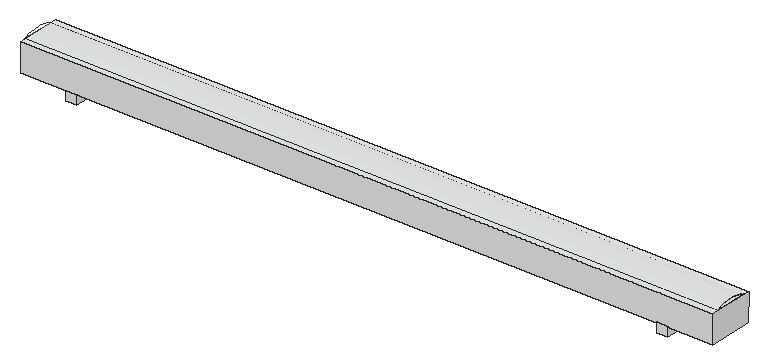
Revit family "Lighting-Linear-Acclaim-Linear One DMX Interior", category Lighting Fixtures, host Face, Revit 2017
Family settings
  Host = Face
  Round Connector Dimension = Use Diameter
  Part Type = Normal
  Cut with Voids When Loaded = No
  Light Source = Yes
  Shared = No
  Room Calculation Point = No
Parameters
  Width = 3.04"
  Wattage = 9.2903 W
  built-in parameter 1150110 = 1 (stored number, unit not read)
  Voltage = 0 V
  URL = "http://www.acclaimlighting.com/"
  built-in parameter 1114217 = 1 (stored number, unit not read)
  Tilt Angle = -90.00°
  built-in parameter 1150109 = 1 (stored number, unit not read)
  built-in parameter 1150134 = 3
  built-in parameter 1150113 = 1 (stored number, unit not read)
  Power Factor = 1
  Photometric Web File = "Load File"
  Number of Poles = 1
  built-in parameter 1150142 = (empty or 0)
  Model = "Linear One"
  Manufacturer = "Acclaim Lighting"
  built-in parameter 1150105 = 109.82 (stored number, unit not read)
  Lumens = 1380 lm
  built-in parameter 1150115 = 1 (stored number, unit not read)
  built-in parameter 1150137 = (empty or 0)
  built-in parameter 1150139 = (empty or 0)
  Length = 48.00"
  built-in parameter 1150112 = 1 (stored number, unit not read)
  built-in parameter 1150114 = 1 (stored number, unit not read)
  Lamp = "LED"
  built-in parameter 1150132 = (empty or 0)
  built-in parameter 1150102 = (empty or 0)
  built-in parameter 1150107 = 3200 (stored number, unit not read)
  built-in parameter 1150138 = (empty or 0)
  built-in parameter 1150106 = 1.0982 (stored number, unit not read)
  Housing Finish = Aluminum
  Height = 2.83"
  Emit from Line Length = Length  # 48.00"
  built-in parameter 1150104 = 13.8 (stored number, unit not read)
  Dimming Lamp Color Temperature Shift = <None>
  Description = "Linear LED"
  Default Elevation = 48.00"
  Color Filter = 16777215
  built-in parameter 1114218 = 1 (stored number, unit not read)
  built-in parameter 1150133 = 10 (stored number, unit not read)
  Apparent Load = 0 VA
Reference planes (in)
  plane 1 "Center (Front/Back)": y = 0
  plane 2: z = 0
  plane 3 "Center (Left/Right)": x = 0
  plane 4: x = -2.86874
  plane 5: x = -2.08749
  plane 6: x = 2.06876
  plane 7: x = 2.85001
  plane 8: z = 2.83
  plane 9: z = 2.56138
  plane 10: y = 1.52
  plane 11: y = -1.52
  plane 12: x = -24
  plane 13: x = 24
Forms (in)
  Extrusion 1, solid, material "Aluminum"
    sketch origin (0, 0, 0) x (1, 0, 0) y (0, 1, 0)
      loop
        line (-20.86874, 1.52) -> (-20.86874, -1.52) -> (-20.08749, -1.52) -> (-20.08749, 1.52) -> (-20.86874, 1.52)
    from 0 to 0.64451
  Extrusion 2, solid, material "Aluminum"
    sketch origin (0, 0, 0) x (-1, 0, 0) y (0, -1, 0)
      loop
        line (-20.86874, -1.52) -> (-20.08749, -1.52) -> (-20.08749, 1.52) -> (-20.86874, 1.52) -> (-20.86874, -1.52)
    from 0 to 0.64451
  Extrusion 3, solid, material "Aluminum"
    sketch origin (0, 0, 0) x (0, 1, 0) y (0, 0, 1)
      loop
        line (1.52, 2.56138) -> (-1.52, 2.56138) -> (-1.52, 0.64451) -> (1.52, 0.64451) -> (1.52, 2.56138)
    from -24 to 24
  Extrusion 4, solid, material "Glass"
    sketch origin (0, 0, 0) x (0, 1, 0) y (0, 0, 1)
      loop
        arc (1.1945, 2.56138) -> (0.03526, 2.83024) -> (-1.12398, 2.56138) r 2.63355
        line (-1.12398, 2.56138) -> (1.1945, 2.56138)
    from -24 to 24
Dimensions and locks (in)
  equal spacing: plane 10, plane 1 "Center (Front/Back)", plane 11
  "Width": plane 10 to plane 11
  equal spacing: plane 12, plane 3 "Center (Left/Right)", plane 13
  "Length": plane 12 to plane 13
  "Height": plane 8 to host face
  Extrusion 2 to Extrusion 2 to plane 13 = 0.78125" locked, 3.13126" locked
  plane 12 to Extrusion 1 to Extrusion 1 = 3.13126" locked, 0.78125" locked
  aligned and locked: plane 2 to host face
  aligned and locked: level to host face
  aligned and locked: plane 13 to Extrusion 3
  aligned and locked: Extrusion 3 to plane 12
  aligned and locked: imposter light to plane 8
  aligned and locked: plane 13 to Extrusion 4
  aligned and locked: Extrusion 4 to plane 12
Automatic sketch dimensions
  host sketch curve to host sketch curve = 96.00"  (x2)
  Extrusion 1 sketch curve to plane 4 = 18.00"
  Extrusion 1 sketch curve to plane 5 = 18.00"
  plane 11 to Extrusion 1 sketch curve = 0.00"
  plane 10 to Extrusion 1 sketch curve = 0.00"
  plane 11 to Extrusion 2 sketch curve = 0.00"
  plane 10 to Extrusion 2 sketch curve = 0.00"
  Extrusion 2 sketch curve to plane 7 = 18.01874"
  Extrusion 2 sketch curve to plane 6 = 18.01874"
  Extrusion 3 sketch curve to plane 8 = 0.26862"
  Extrusion 3 sketch curve to plane 11 = 0.00"
  Extrusion 3 sketch curve to plane 10 = 0.00"
  level to Extrusion 3 sketch curve = 0.64451"
  Extrusion 4 sketch curve to plane 9 = 0.00"
  Extrusion 4 sketch curve to plane 1 "Center (Front/Back)" = 0.03526"
  level to Extrusion 4 sketch curve = 0.19669"
  Extrusion 4 sketch curve to plane 11 = 0.39602"
Connectors (in)
  electrical at (24, 0, 1.60294), driven by "Number of Poles", driven by "Voltage", driven by "Apparent Load", driven by "Power Factor"
    settings: on Extrusion 3, index 1, voltage 0 V, apparent load 0 VA, apparent load phase1 0 VA, apparent load phase2 0 VA, apparent load phase3 0 VA, power factor 1, load classification "Other", number of poles 1, system type 31, power factor state 1, is connector primary yes, connector utility no, sub classification motor no, connector description ""
